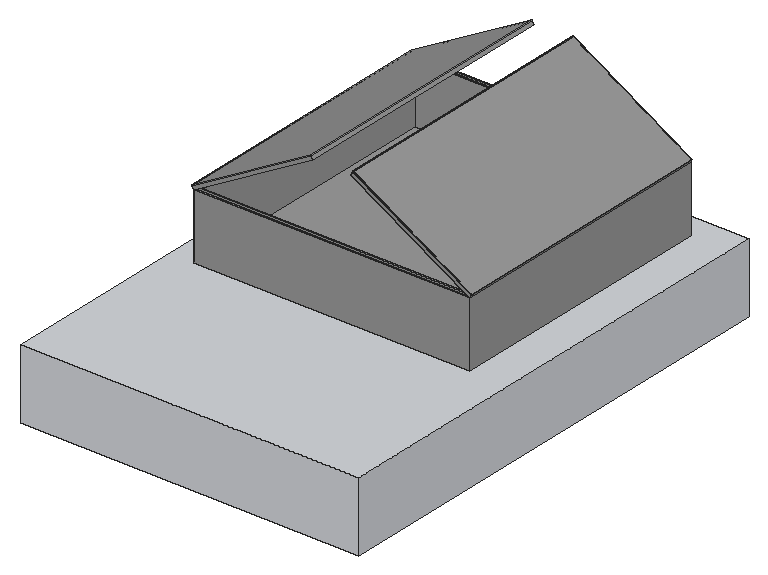
Revit family "Hager-Orion_Inox-IP55-D300-Cl.I-Inox_encl-630A-1200mm-CH-it", category Equipement électrique, Revit 2020
Family settings
  Hôte = Face
  Configuration du panneau = Deux colonnes, circuits au sein
  Cote de connecteur circulaire = Utiliser le diamètre
  Type d'élément = Tableau de raccordement
  Couper avec des vides une fois chargée = Non
  Partagée = Non
  Point de calcul de pièce = Non
Parameters (values of type "A parete IP55 L1200 A1200 P300  - FL060BWL")
  Width Control [instance] = if([EF000008 - Larghezza] > Min Width, [EF000008 - Larghezza], Min Width)  # 1200 mm
  Commentaires du type = [HG000003 - Gamma]  # "Orion Inox"
  Thickness Door [instance] = if([EF009171 - spessore materiale porta/coperchio] > 3 mm, 3 mm, [EF009171 - spessore materiale porta/coperchio])  # 1.5 mm
  Seal Frame Offset [instance] = 17 mm  # constant formula
  Model = ""
  Min Width [instance] = 100 mm  # constant formula
  Min Height [instance] = 100 mm  # constant formula
  Min Depth [instance] = (2 * [EF009170 - spessore materiale scatola]) + 1 mm  # 4 mm
  Internal Frame Depth [instance] = (Door System Depth * 0.5)  # 9 mm
  Height Control [instance] = if([EF000040 - Altezza] > Min Height, [EF000040 - Altezza], Min Height)  # 1200 mm
  HG000027 - Altezza dello zoccolo = 0 mm
  HG000026 - A pavimento = no
  HG000024 - Altezza della sezione inferiore = 800 mm
  HG000023 - Custodia a doppia sezione = no
  HG000016 - Visibilità delle porte nella vista 3D [instance] = yes
  HG000015 - Visibilità attraverso la porta [instance] = no
  HG000014 - Porta destra [instance] = yes
  HG000013 - Porta sinistra [instance] = not([HG000014 - Porta destra])  # no
  HG000012 - Angolo di apertura della porta [instance] = 30.00°
  HG000010 - Porte asimmetriche = no
  HG000009 - Porta doppia a battente = yes
  HG000006 - Ad incasso = no
  HG000004 - Codice produttore = "FL060BWL"
  HG000003 - Gamma = "Orion Inox"
  HG000002 - Con porta = yes
  Frame Offset Bottom [instance] = 10 mm  # constant formula
  Frame Offset [instance] = 15 mm  # constant formula
  EF015940 - Coprire con rilascio di sovrapressione = no
  EF011959 - tipo di protezione (NEMA) = ""
  EF009554 - numero delle aperture per la piastra della flangia = 0
  Fabricant = "Hager"  # constant formula
  EF009212 - esecuzione coperchio = "EV000116 - chiuso"
  EF009171 - spessore materiale porta/coperchio = 1.5 mm
  EF009170 - spessore materiale scatola = 1.5 mm
  EF008873 - corrente nominale (In) = 630 A
  EF007800 - adatto per parafulmine = no
  EF006306 - con serratura = yes
  EF006244 - coperchio/porta trasparente = no
  EF005474 - grado di protezione (IP) = "EV006420 - IP55"
  EF004464 - tipo di porta = "EV003602 - doppio"
  EF004427 - numero di moduli = 0
  EF004293 - resistenza agli urti = "EV008784 - IK10"
  EF003532 - adatto per uso esterno = yes
  EF002950 - Numero moduli DIN = 0
  EF001613 - Integrità del circuito = "EV000494 - senza"
  EF001596 - Attacco Lampada = "EV000166 - acciaio inossidabile"
  EF001131 - profondità interna = 266 mm
  EF001088 - possibilità di applicazione = yes
  EF000437 - numero di ingressi per conduttori = 0
  EF000339 - tipo di copertura = "EV004216 - porta"
  EF000266 - numero di file = 0
  EF000218 - profondità di incasso = 0 mm
  EF000118 - con piastra di montaggio = no
  EF000116 - numero RAL = ""
  EF000049 - profondità = 300 mm
  EF000040 - Altezza = 1200 mm
  EF000008 - Larghezza = 1200 mm
  EF000007 - colore = "EV000154 - altri"
  EF000003 - Tipo di montaggio = "EV000384 - A parete"
  Door System Leaf Tolerance [instance] = 1.5 mm  # constant formula
  Door System Depth [instance] = 18 mm  # constant formula
  Depth Control [instance] = if([EF000049 - profondità] > Min Depth, [EF000049 - profondità], Min Depth)  # 300 mm
  Default Elevation = 0 mm
Types (4, lengths in mm): name | Width Control | HG000004 - Codice produttore | EF000008 - Larghezza
  A parete IP55 L1000 A1200 P300  - FL058BW | 1000 | "FL058BW" | 1000
  A parete IP55 L1000 A1200 P300  - FL058BWL | 1000 | "FL058BWL" | 1000
  A parete IP55 L1200 A1200 P300  - FL060BW | 1200 | "FL060BW" | 1200
  A parete IP55 L1200 A1200 P300  - FL060BWL | 1200 | "FL060BWL" | 1200
Reference planes
  plane 1 "Center (Front/Back)": y = 0
  plane 2: z = 0
  plane 3 "Center (Left/Right)": x = 0
  plane 4: z = 300
  plane 5: y = 1.5
  plane 6: y = 600
  plane 7: y = 0
  plane 8: y = 1200
  plane 9: z = 0
  plane 10: x = -585
  plane 11: x = 585
  plane 12: x = 583.5
  plane 13: x = -583.5
  plane 14: y = 1198.5
  plane 15: x = -583
  plane 16: x = -600
  plane 17: x = 583
  plane 18: x = 600
  plane 19: x = 598.5
  plane 20: x = -598.5
  plane 21: y = 11.5
  plane 22: y = 1200
  plane 23: y = 1183.5
  plane 24: z = 282
  plane 25: z = 1.5
  plane 26: z = 280.5
  plane 27: z = 298.5
Forms (mm)
  Extrusion 1, solid
    sketch origin (0, 0, 0) x (1, 0, 0) y (0, 1, 0)
      loop
        line (-702.964, 1305) -> (-702.964, -811.445) -> (766.763, -811.445) -> (766.763, 1305) -> (-702.964, 1305)
    from 0 to -304.8
  Extrusion 2, solid, material "Hager_Stainless_Steel", detail levels medium+fine
    sketch origin (0, 0, 0) x (1, 0, 0) y (0, 1, 0)
      loop
        line (-600, 0) -> (600, 0) -> (600, 1200) -> (-600, 1200) -> (-600, 0)
    from 0 to 282
  Extrusion 3, solid, material "Hager_Steel_RAL 7035_Light_Grey", not visible, detail levels medium+fine
    sketch origin (0, 28.16, 50.802) x (0, 1, 0) y (0, 0, 1)
      loop
        line (623.34, -50.802) -> (623.34, 237.698)
        arc (623.34, 237.698) -> (620.411, 244.769) -> (613.34, 247.698) r 10
        line (613.34, 247.698) -> (583.34, 247.698) -> (583.34, -50.802) -> (623.34, -50.802)
    from -598.5 to 598.5
  Extrusion 4, void
    sketch origin (0, 0, 0) x (1, 0, 0) y (0, 1, 0)
      loop
        line (-598.5, 1.5) -> (598.5, 1.5) -> (598.5, 1198.5) -> (-598.5, 1198.5) -> (-598.5, 1.5)
    from 1.5 to 280.5
  Extrusion 5, void
    sketch origin (-381.607, -4572, 282) x (0, -1, 0) y (-1, 0, 0)
      loop
        line (-4583.5, 201.893) -> (-5755.5, 201.893) -> (-5755.5, -965.107) -> (-4583.5, -965.107) -> (-4583.5, 201.893)
    from 0 to 1.5 <- "EF009170 - spessore materiale scatola"
  Extrusion 6, solid, material "Hager_Stainless_Steel", detail levels fine
    sketch origin (-381.607, -4572, 282) x (-1, 0, 0) y (0, -1, 0)
      loop
        line (201.893, -4583.5) -> (-965.107, -4583.5) -> (-965.107, -5755.5) -> (201.893, -5755.5) -> (201.893, -4583.5)
      loop
        line (202.893, -4582) -> (-966.107, -4582) -> (-966.107, -5757) -> (202.893, -5757) -> (202.893, -4582)
    from 0 to 9 <- "Internal Frame Depth"
  Extrusion 7, solid, material "Hager_Stainless_Steel", detail levels coarse
    sketch origin (0, 0, 0) x (1, 0, 0) y (0, 1, 0)
      loop
        line (-600, 0) -> (600, 0) -> (600, 1200) -> (-600, 1200) -> (-600, 0)
    from 0 to 300
Cuts and joins
  Extrusion 4, Extrusion 5 cuts Extrusion 2
Lines and regions (mm)
  Masking region 1
    outline origin (0, 0, 0) x (1, 0, 0) y (0, 0, 1)
      loop
        line (-600, 300) -> (-600, 0) -> (600, 0) -> (600, 300) -> (-600, 300)
  Masking region 2, detail levels medium+fine
    outline origin (0, 140, 0) x (0, 1, 0) y (0, 0, 1)
      loop
        line (-140, 0) -> (1060, 0) -> (1060, 282) -> (-140, 282) -> (-140, 0)
  Masking region 3, not visible, detail levels medium+fine
    outline origin (0, 297.922, 0) x (0, 1, 0) y (0, 0, 1)
      loop
        line (313.578, 0) -> (353.578, 0) -> (353.578, 288.5)
        arc (353.578, 288.5) -> (350.649, 295.571) -> (343.578, 298.5) r 10
        line (343.578, 298.5) -> (313.578, 298.5) -> (313.578, 0)
  Masking region 4, detail levels coarse
    outline origin (0, 0, 180) x (0, 1, 0) y (0, 0, 1)
      loop
        line (0, -180) -> (1200, -180) -> (1200, 120) -> (0, 120) -> (0, -180)
  Masking region 5
    outline origin (-381.607, -4572, 282) x (-1, 0, 0) y (0, -1, 0)
      loop
        line (218.393, -5772) -> (218.393, -4572) -> (-981.607, -4572) -> (-981.607, -5772) -> (218.393, -5772)
Dimensions and locks
  "Depth Control": plane 4 to Extrusion 1
  "EF009170 - spessore materiale scatola": plane 5 to plane 7
  locked: connector elem to plane 3 "Center (Left/Right)"
  equal spacing: plane 8, plane 6, plane 7
  locked: connector elem to plane 6
  "EF009170 - spessore materiale scatola": plane 8 to plane 14
  "EF009170 - spessore materiale scatola": plane 10 to plane 13
  "EF009170 - spessore materiale scatola": plane 12 to plane 11
  "Frame Offset": plane 20 to plane 13
  "Frame Offset": plane 12 to plane 19
  "EF009170 - spessore materiale scatola": plane 16 to plane 20
  "EF009170 - spessore materiale scatola": plane 19 to plane 18
  "Seal Frame Offset": plane 16 to plane 15
  "Seal Frame Offset": plane 17 to plane 18
  "Frame Offset Bottom": plane 21 to plane 5
  "Frame Offset": plane 14 to plane 23
  equal spacing: plane 16, plane 3 "Center (Left/Right)", plane 18
  "Width Control": plane 16 to plane 18
  "EF009170 - spessore materiale scatola": plane 4 to plane 27
  "EF009170 - spessore materiale scatola": plane 24 to plane 26
  "EF009170 - spessore materiale scatola": plane 25 to level
  "Door System Depth": plane 4 to plane 24
  "Height Control": plane 1 "Center (Front/Back)" to Extrusion 7 sketch curve
  "Height Control": Masking region 4 sketch curve to plane 1 "Center (Front/Back)"
  "Thickness Door": Extrusion 6 sketch curve to plane 15
  "Thickness Door": plane 21 to Extrusion 6 sketch curve
  "Thickness Door": plane 17 to Extrusion 6 sketch curve
  "Thickness Door": Extrusion 6 sketch curve to plane 23
  "Height Control": plane 1 "Center (Front/Back)" to plane 22
  radius of Masking region 3 sketch curve = 10 mm
  radius of Extrusion 3 sketch curve = 10 mm
  aligned and locked: plane 2 to Extrusion 1
  aligned and locked: level to Extrusion 1
  aligned and locked: level to Masking region 1 sketch curve
  aligned and locked: Masking region 1 sketch curve to plane 18
  aligned and locked: Masking region 1 sketch curve to plane 16
  aligned and locked: plane 7 to Masking region 2 sketch curve
  aligned and locked: level to Masking region 3 sketch curve
  aligned and locked: Masking region 3 sketch curve to plane 27
  aligned and locked: level to Masking region 2 sketch curve
  aligned and locked: Extrusion 2 sketch curve to plane 7
  aligned and locked: plane 16 to Extrusion 2 sketch curve
  aligned and locked: plane 18 to Extrusion 2 sketch curve
  aligned and locked: Extrusion 3 sketch curve to level
  aligned and locked: plane 27 to Extrusion 3 sketch curve
  aligned and locked: plane 20 to Extrusion 3
  aligned and locked: plane 19 to Extrusion 3
  aligned and locked: plane 20 to Extrusion 4 sketch curve
  aligned and locked: plane 19 to Extrusion 4 sketch curve
  aligned and locked: Extrusion 4 sketch curve to plane 5
  aligned and locked: Extrusion 4 to plane 25
  aligned and locked: plane 26 to Extrusion 4
  aligned and locked: plane 24 to Extrusion 2
  aligned and locked: Extrusion 5 sketch curve to plane 21
  aligned and locked: Extrusion 5 sketch curve to plane 13
  aligned and locked: Extrusion 5 sketch curve to plane 12
  aligned and locked: plane 18 to Extrusion 7 sketch curve
  aligned and locked: plane 1 "Center (Front/Back)" to Extrusion 7 sketch curve
  aligned and locked: plane 16 to Extrusion 7 sketch curve
  aligned and locked: plane 4 to Extrusion 7
  aligned and locked: Extrusion 7 to level
  aligned and locked: level to Masking region 4 sketch curve
  aligned and locked: Masking region 4 sketch curve to plane 1 "Center (Front/Back)"
  aligned and locked: Masking region 4 sketch curve to plane 4
  aligned and locked: nested 1 to level
  aligned and locked: nested 1 to plane 16
  aligned and locked: Extrusion 2 sketch curve to plane 8
  aligned and locked: Extrusion 5 sketch curve to plane 23
  aligned and locked: Extrusion 4 sketch curve to plane 14
  aligned and locked: Extrusion 6 sketch curve to plane 21
  aligned and locked: plane 13 to Extrusion 6 sketch curve
  aligned and locked: Extrusion 6 sketch curve to plane 23
  aligned and locked: plane 12 to Extrusion 6 sketch curve
  aligned and locked: Masking region 2 sketch curve to plane 8
  aligned and locked: Masking region 2 sketch curve to plane 24
  aligned and locked: nested 2 to plane 3 "Center (Left/Right)"
  aligned and locked: nested 2 to plane 24
  aligned and locked: Masking region 5 sketch curve to plane 1 "Center (Front/Back)"
  aligned and locked: Masking region 5 sketch curve to plane 18
  aligned and locked: Masking region 5 sketch curve to plane 22
  aligned and locked: Masking region 5 sketch curve to plane 16
  aligned and locked: plane 8 to plane 22
  aligned and locked: plane 7 to plane 1 "Center (Front/Back)"
  aligned and locked: nested 2 to plane 1 "Center (Front/Back)"
Automatic sketch dimensions
  Extrusion 1 sketch curve to Extrusion 1 sketch curve = 1469.727 mm
  Extrusion 1 sketch curve to Extrusion 1 sketch curve = 2116.445 mm
  plane 6 to Masking region 3 sketch curve = 11.5 mm
  Masking region 3 sketch curve to Masking region 3 sketch curve = 30 mm
  plane 6 to Extrusion 3 sketch curve = 11.5 mm
  Extrusion 3 sketch curve to Extrusion 3 sketch curve = 30 mm
  Masking region 1 sketch curve to plane 4 = 0 mm
Nested families
  nested 1: "Hager_Enclosure_Symbol" at (-600, 0, 0) x (1, 0, 0) z (0, -1, 0), Height <- "Depth Control", Width <- "Width Control", type "Hager_Enclosure_Symbol"
    with Width_Ctrl 1200 mm, Width 1200 mm, Height_Ctrl 300 mm, Height 300 mm, A_Width_Int 19.688 mm, A_Width 236.25 mm, A_Height_Ctrl 262.5 mm, A_Height 262.5 mm
  nested 2: "EC000058_OrionInox_Door" at (0, 1200, 282) x (1, 0, 0) z (0, -1, 0), Leaf_Tolerance <- "Door System Leaf Tolerance", Angle <- "HG000012 - Angolo di apertura della porta", Door_Depth <- "Door System Depth", Door_Left <- "HG000013 - Porta sinistra", Transparent <- "EF006244 - coperchio/porta trasparente", Assymetrical <- "HG000010 - Porte asimmetriche", Width <- "Width Control", Clearance <- "HG000015 - Visibilità attraverso la porta", Double <- "HG000009 - Porta doppia a battente", 3d_Door <- "HG000016 - Visibilità delle porte nella vista 3D", Width_Ctrl <- "Width Control", Door_Right <- "HG000014 - Porta destra", Door <- "HG000002 - Con porta", Height <- "Height Control", Thickness <- "Thickness Door", type "EC000058_OrionInox_Door", detail levels medium+fine
    with min_wh 4 mm, Width_Ctrl 1200 mm, Width 1200 mm, Transparent no, Thickness 1.5 mm, Seal_Material Hager_Rubber, Leaf_Width 1200 mm, Leaf_Tolerance_External_Sides 0 mm, Leaf_Tolerance 1.5 mm, Leaf_Offset 0 mm, Leaf_Height 1197 mm, Leaf_2_Width 598.5 mm, Leaf_2_Offset 300 mm, Leaf_1_Width 598.5 mm, Leaf_1_Offset 300 mm, Height_Ctrl 1200 mm, Height 1200 mm, Glass_Material Hager_Glass, Double_Clearance_Ctrl no, Double yes, Door_Right_Ctrl yes, Door_Right yes, Door_Material Hager_Stainless_Steel, Door_Left_Ctrl yes, Door_Left no, Door_Depth 18 mm, Door yes, Clearance_Material Hager_Clearance, Clearance_Depth 598.5 mm, Clearance_Ctrl no, Clearance no, Assymetrical no, Angle 30.00°, 3d_Door yes
Connectors
  electrical at (0, 600, 0)
    settings: on plane 9, index 1, voltage 0 V, apparent load 0 VA, apparent load phase1 0 VA, apparent load phase2 0 VA, apparent load phase3 0 VA, power factor 1, load classification "Other", number of poles 1, system type 30, power factor state 1, is connector primary yes, connector utility no, sub classification motor no, connector description ""
Definition of nested family "EC000058_OrionInox_Door"
  Parameters (values of type "EC000058_OrionInox_Door")
    min_wh [instance] = (2 * Thickness) + 1 mm  # 11 mm
    Width_Ctrl [instance] = 400 mm
    Width [instance] = 500 mm
    Transparent [instance] = yes
    Thickness [instance] = 5 mm
    Seal_Material [instance] = none
    Leaf_Width [instance] = if((Width_Ctrl - 2 * Leaf_Tolerance_External_Sides) > 0 mm, (Width_Ctrl - 2 * Leaf_Tolerance_External_Sides), min_wh)  # 400 mm
    Leaf_Tolerance_External_Sides [instance] = 0 mm  # constant formula
    Leaf_Tolerance [instance] = 1.5 mm
    Leaf_Offset [instance] = 0 mm  # constant formula
    Leaf_Height [instance] = if((Height_Ctrl - 2 * Leaf_Tolerance) > 0 mm, (Height_Ctrl - 2 * Leaf_Tolerance), min_wh)  # 497 mm
    Leaf_2_Width [instance] = if(and(and(Double, Assymetrical), Door_Left), (Leaf_Width / 3) - (Leaf_Tolerance / 2), if(and(and(Double, Assymetrical), Door_Right), (Leaf_Width / 3) * 2 - (Leaf_Tolerance / 2), if(and(Double, not(Assymetrical)), (Leaf_Width / 2) - Leaf_Tolerance, Leaf_Width)))  # 400 mm
    Leaf_2_Offset [instance] = if(and(Double, Assymetrical), Leaf_2_Width / 2, if(and(Double, not(Assymetrical)), Leaf_Width / 4, Leaf_Width / 2))  # 200 mm
    Leaf_1_Width [instance] = if(and(and(Double, Assymetrical), Door_Right), (Leaf_Width / 3) - (Leaf_Tolerance / 2), if(and(and(Double, Assymetrical), Door_Left), (Width / 3) * 2 - (Leaf_Tolerance / 2), if(and(Double, not(Assymetrical)), (Leaf_Width / 2) - Leaf_Tolerance, Leaf_Width)))  # 400 mm
    Leaf_1_Offset [instance] = if(and(Double, Assymetrical), Leaf_1_Width / 2, if(and(Double, not(Assymetrical)), Leaf_Width / 4, Leaf_Width / 2))  # 200 mm
    Height_Ctrl [instance] = if(Height > min_wh, Height, min_wh)  # 500 mm
    Height [instance] = 500 mm
    Glass_Material [instance] = none
    Double_Clearance_Ctrl [instance] = and(Double, Clearance)  # no
    Double [instance] = no
    Door_Right_Ctrl [instance] = and(or(Door_Right, Double), Door)  # yes
    Door_Right [instance] = yes
    Door_Material [instance] = none
    Door_Left_Ctrl [instance] = and(or(Door_Left, Double), Door)  # no
    Door_Left [instance] = no
    Door_Depth [instance] = 30 mm
    Door [instance] = yes
    Default Elevation = 1219.2 mm
    Clearance_Material [instance] = none
    Clearance_Depth [instance] = if(Leaf_1_Width > Leaf_2_Width, Leaf_1_Width, Leaf_2_Width)  # 400 mm
    Clearance_Ctrl [instance] = and(not(Double), Clearance)  # yes
    Clearance [instance] = yes
    Assymetrical [instance] = yes
    Angle [instance] = 30.00°
    3d_Door [instance] = yes
  Reference planes
    plane 1 "Center (Front/Back)": y = 0
    plane 2 "Bottom": z = 0
    plane 3 "Center (Left/Right)": x = 0
    plane 4: z = 500
    plane 5: x = -200
    plane 6: x = 200
    plane 7: z = 500
    plane 8: x = -200
    plane 9: z = 0
    plane 10: x = 200
    plane 11: y = 0
    plane 12: z = 1.5
    plane 13: x = -600
    plane 14: y = -400
    plane 15: x = 600
    plane 16: x = 0
    plane 17: x = 0
    plane 18: x = -200
    plane 19: x = 200
    plane 20: z = 498.5
  Forms (mm)
    Extrusion 1, solid, material <- "Clearance_Material", visible <- "Double_Clearance_Ctrl"
      sketch origin (1200, 0, 0) x (1, 0, 0) y (0, 0, -1)
        loop
          line (-1800, -498.5) -> (-600, -498.5) -> (-600, 0) -> (-1800, 0) -> (-1800, -498.5)
      from 0 to -400
  Dimensions and locks
    equal spacing: plane 5, plane 3 "Center (Left/Right)", plane 6
    "Width_Ctrl": plane 5 to plane 6
    "Leaf_Offset": plane 5 to plane 8
    "Leaf_Offset": plane 6 to plane 10
    "Leaf_Offset": plane 9 to level
    "Leaf_Offset": plane 4 to plane 7
    "Height_Ctrl": plane 4 to level
    "Leaf_Tolerance": plane 12 to plane 9
    locked: plane 11 to plane 1 "Center (Front/Back)"
    "Leaf_1_Offset": plane 18 to plane 16
    "Leaf_2_Offset": plane 17 to plane 19
    "Leaf_1_Width": plane 13 to plane 8
    "Leaf_2_Width": plane 10 to plane 15
    "Clearance_Depth": plane 14 to plane 1 "Center (Front/Back)"
    "Leaf_Tolerance_External_Sides": plane 8 to plane 18
    "Leaf_Tolerance_External_Sides": plane 19 to plane 10
    "Leaf_Tolerance": plane 7 to plane 20
    aligned and locked: level to plane 2 "Bottom"
    aligned and locked: nested 1 to plane 16
    aligned and locked: nested 2 to plane 17
    aligned and locked: Extrusion 1 to plane 13
    aligned and locked: plane 15 to Extrusion 1
    aligned and locked: Extrusion 1 to plane 14
    aligned and locked: plane 12 to nested 1
    aligned and locked: nested 2 to plane 12
    aligned and locked: Extrusion 1 to plane 11
    aligned and locked: plane 20 to Extrusion 1
    aligned and locked: nested 2 to plane 11
    aligned and locked: nested 1 to plane 11
  Automatic sketch dimensions
    Extrusion 1 sketch curve to level = 0 mm
    plane 5 to Extrusion 1 sketch curve = 400 mm
    plane 6 to Extrusion 1 sketch curve = 400 mm
    Extrusion 1 sketch curve to plane 4 = 1.5 mm
  Nested families
    nested 1: "EC000058_OrionInox_Door_Leaf" at (0, 0, 1.5), Width <- "Leaf_1_Width", visible <- "Door_Left_Ctrl", Leaf_Height <- "Leaf_Height", Angle <- "Angle", 3d_Door <- "3d_Door", Transparent <- "Transparent", Clearance Material <- "Clearance_Material", Clearance <- "Clearance_Ctrl", Door_Material <- "Door_Material", Glass_Material <- "Glass_Material", Door_Depth <- "Door_Depth", Seal_Material <- "Seal_Material", Thickness <- "Thickness", type "EC000058_OrionInox_Door_Leaf"
      with Width 400 mm, Transparent_Ctrl yes, Transparent yes, Thickness 5 mm, Standard no, Seal_Material none, Seal_D2 8 mm, Seal_D1 1 mm, Offset_Internal_Frame 10 mm, Lock_Width 28 mm, Lock_Thickness 2 mm, Lock_Radius 6 mm, Leaf_Height 497 mm, Internal_Seal_Thickness 8 mm, Internal_Seal_Depth_2 4.5 mm, Internal_Frame_Depth 25 mm, Glass_Thickness -1 mm, Glass_Offset -2 mm, Glass_Material none, Door_Material none, Door_Depth 30 mm, Clearance Material none, Clearance yes, Angle_Ctrl 30.00°, Angle 30.00°, 3d_Door yes
    nested 2: "EC000058_OrionInox_Door_Leaf" at (0, 0, 1.5) x (-1, 0, 0) z (0, 0, 1), Width <- "Leaf_2_Width", visible <- "Door_Right_Ctrl", Leaf_Height <- "Leaf_Height", Angle <- "Angle", 3d_Door <- "3d_Door", Transparent <- "Transparent", Clearance Material <- "Clearance_Material", Clearance <- "Clearance_Ctrl", Door_Material <- "Door_Material", Glass_Material <- "Glass_Material", Door_Depth <- "Door_Depth", Seal_Material <- "Seal_Material", Thickness <- "Thickness", type "EC000058_OrionInox_Door_Leaf"
      with Width 400 mm, Transparent_Ctrl yes, Transparent yes, Thickness 5 mm, Standard no, Seal_Material none, Seal_D2 8 mm, Seal_D1 1 mm, Offset_Internal_Frame 10 mm, Lock_Width 28 mm, Lock_Thickness 2 mm, Lock_Radius 6 mm, Leaf_Height 497 mm, Internal_Seal_Thickness 8 mm, Internal_Seal_Depth_2 4.5 mm, Internal_Frame_Depth 25 mm, Glass_Thickness -1 mm, Glass_Offset -2 mm, Glass_Material none, Door_Material none, Door_Depth 30 mm, Clearance Material none, Clearance yes, Angle_Ctrl 30.00°, Angle 30.00°, 3d_Door yes
  Definition of nested family "EC000058_OrionInox_Door_Leaf"
    Parameters (values of type "EC000058_OrionInox_Door_Leaf")
      Width [instance] = 450 mm
      Transparent_Ctrl [instance] = and(Transparent, [3d_Door])  # yes
      Transparent [instance] = yes
      Thickness [instance] = 5 mm
      Standard [instance] = and(not(Transparent), [3d_Door])  # no
      Seal_Material [instance] = none
      Seal_D2 [instance] = 8 mm  # constant formula
      Seal_D1 [instance] = 1 mm  # constant formula
      Offset_Internal_Frame [instance] = 10 mm  # constant formula
      Lock_Width [instance] = Door_Depth - Lock_Thickness  # 28 mm
      Lock_Thickness [instance] = 2 mm  # constant formula
      Lock_Radius [instance] = 6 mm  # constant formula
      Leaf_Height [instance] = 450 mm
      Internal_Seal_Thickness [instance] = 8 mm  # constant formula
      Internal_Seal_Depth_2 [instance] = 4.5 mm  # constant formula
      Internal_Frame_Depth [instance] = if(Door_Depth - Thickness > 5 mm, Door_Depth - Thickness, 5 mm)  # 25 mm
      Glass_Thickness [instance] = if(Thickness > 15 mm, Glass_Offset + 10 mm, -1 mm)  # -1 mm
      Glass_Offset [instance] = if(Thickness > 15 mm, -(Thickness + 10 mm) / 2, -2 mm)  # -2 mm
      Glass_Material [instance] = none
      Door_Material [instance] = none
      Door_Depth [instance] = 30 mm
      Default Elevation = 0 mm
      Clearance Material [instance] = none
      Clearance [instance] = yes
      Angle_Ctrl [instance] = if(Angle > 180.00°, 180.00°, Angle)  # 90.00°
      Angle [instance] = 90.00°
      3d_Door [instance] = yes
    Reference planes
      plane 1 "Center (Front/Back)": y = 0
      plane 2: z = 0
      plane 3 "Center (Left/Right)": x = 0
      plane 4: y = 450
      plane 5: x = -225
      plane 6: x = 225
      plane 7: x = -675
      plane 8: z = 450
      plane 9: z = 30
      plane 10: z = 420
      plane 11: x = 195
      plane 12: x = -195
      plane 13: y = -3
      plane 14: z = 107.833
      plane 15: y = -5
      plane 16: y = -223.314
      plane 17: x = -225
      plane 18: y = 30
    Forms (mm)
      Extrusion 1, solid, material <- "Clearance Material", visible <- "Clearance"
        sketch origin (0, 0, 0) x (1, 0, 0) y (0, 0, 1)
          loop
            line (-675, 450) -> (-675, 0) -> (225, 0) -> (225, 450) -> (-675, 450)
        from 0 to -450
      Extrusion 2, solid, material <- "Door_Material", visible <- "Standard", detail levels medium+fine
        sketch origin (-225, 0, 0) x (0, 1, 0) y (-1, 0, 0)
          loop
            line (0, 30) -> (0, 25) -> (450, 25) -> (450, 30) -> (0, 30)
        from 0 to 450 <- "Leaf_Height"
      Extrusion 3, solid, material <- "Door_Material", visible <- "Transparent_Ctrl", detail levels medium+fine
        sketch origin (-225, 0, 0) x (0, 1, 0) y (-1, 0, 0)
          loop
            line (0, 25) -> (450, 25) -> (450, 30) -> (0, 30) -> (0, 25)
        from 0 to 450 <- "Leaf_Height"
      Extrusion 4, void
        sketch origin (-250, 450, 0) x (0, 1, 0) y (0, 0, -1)
          loop
            line (-30, -420) -> (-30, -30) -> (-420, -30) -> (-420, -420) -> (-30, -420)
        from 0 to 5 <- "Thickness"
      Sweep 5, solid, material <- "Seal_Material", visible <- "Transparent_Ctrl", detail levels fine
        path in 3D
          loop
            line (-250, 30, 30) -> (-250, 30, 420) -> (-250, 420, 420) -> (-250, 420, 30) -> (-250, 30, 30)
        profile origin (-250, 225, 30) x (1, 0, 0) y (0, 0, 1)
          loop
            line (0, 0) -> (0, -8) -> (1, -8) -> (1, 0) -> (0, 0)
      Extrusion 6, solid, material <- "Glass_Material", visible <- "Transparent_Ctrl", detail levels medium+fine
        sketch origin (-255, 0, 0) x (0, 1, 0) y (0, 0, -1)
          loop
            line (420, -420) -> (420, -30) -> (30, -30) -> (30, -420) -> (420, -420)
        from -2 <- "Glass_Offset" to -1 <- "Glass_Thickness"
      Extrusion 7, solid, material <- "Door_Material", visible <- "3d_Door", detail levels medium+fine
        sketch origin (-250, 450, 0) x (0, -1, 0) y (0, 0, -1)
          loop
            line (0, -450) -> (450, -450) -> (450, 0) -> (0, 0) -> (0, -450)
          loop
            line (445, -5) -> (5, -5) -> (5, -445) -> (445, -445) -> (445, -5)
        from 0 to 25 <- "Internal_Frame_Depth"
      Sweep 8, solid, material <- "Seal_Material", visible <- "Transparent_Ctrl", detail levels fine
        path in 3D
          loop
            line (-250, 0, 0) -> (-250, 450, 0) -> (-250, 450, 450) -> (-250, 0, 450) -> (-250, 0, 0)
        profile origin (-250, 0, 225) x (1, 0, 0) y (0, 1, 0)
          loop
            line (0, 10) -> (2.975, 10)
            arc (2.975, 10) -> (4.053, 10.447) -> (4.5, 11.525) r 1.525
            line (4.5, 11.525) -> (4.5, 16.527)
            arc (4.5, 16.527) -> (4.069, 17.569) -> (3.027, 18) r 1.473
            line (3.027, 18) -> (0, 18) -> (0, 10)
    Cuts and joins
      Extrusion 4 cuts Extrusion 3
    Lines and regions (mm)
      Masking region 1, detail levels medium+fine
        outline origin (0, 0, 0) x (0, 1, 0) y (0, 0, 1)
          loop
            line (0, 0) -> (30, 0) -> (30, 450) -> (0, 450) -> (0, 0)
      Masking region 2, detail levels medium+fine
        outline origin (0, 0, 0) x (1, 0, 0) y (0, 0, 1)
          loop
            line (-225, 450) -> (-225, 0) -> (225, 0) -> (225, 450) -> (-225, 450)
      symbolic lines
        curve 1: line (225, 0, 0) -> (-675, 0, 0)
        curve 2: arc (225, 0, 0) -> (-225, 450, 0) -> (-675, 0, 0) r 450
        curve 4: line (-255, 0, 0) -> (-255, 450, 0)
      reference lines
        curve 3: line (-225, 0, 0) -> (-225, 450, 0)
      symbolic lines, detail levels medium+fine
        curve 5: line (-255, 450, 0) -> (-250, 450, 0)
        curve 7: line (-250, 0, 0) -> (-255, 0, 0)
        curve 8: line (-250, 0, 0) -> (-225, 0, 0)
        curve 9: line (-225, 0, 0) -> (-225, 450, 0)
        curve 10: line (-225, 450, 0) -> (-250, 450, 0)
      symbolic lines, detail levels fine
        curve 6: line (-250, 450, 0) -> (-250, 0, 0)
      sketch lines
        curve 11: line (-250, 0, 450) -> (-250, 0, 0)
        curve 12: line (-250, 450, 0) -> (-250, 0, 0)
        curve 13: line (-250, 450, 450) -> (-250, 450, 0)
        curve 14: line (-250, 0, 450) -> (-250, 450, 450)
        curve 15: line (-250, 420, 30) -> (-250, 30, 30)
        curve 16: line (-250, 30, 30) -> (-250, 30, 420)
        curve 17: line (-250, 420, 420) -> (-250, 420, 30)
        curve 18: line (-250, 30, 420) -> (-250, 420, 420)
      symbolic lines, visible <- "Transparent", detail levels medium+fine
        curve 19: line (-195, 0, 420) -> (195, 0, 420)
        curve 20: line (-195, 0, 30) -> (-195, 0, 420)
        curve 21: line (195, 0, 30) -> (-195, 0, 30)
        curve 22: line (195, 0, 420) -> (195, 0, 30)
    Dimensions and locks
      "Width": plane 1 "Center (Front/Back)" to plane 4
      equal spacing: plane 5, plane 3 "Center (Left/Right)", plane 6
      "Width": plane 5 to plane 6
      "Width": plane 7 to plane 5
      "Leaf_Height": plane 8 to level
      "Width": curve 5 to curve 3
      "Width": curve 3 to curve 3
      plane 8 to plane 10 = 30 mm
      plane 9 to level = 30 mm
      plane 12 to plane 5 = 30 mm
      plane 6 to plane 11 = 30 mm
      Extrusion 4 sketch curve to Extrusion 3 = 30 mm
      Extrusion 3 to Extrusion 4 sketch curve = 30 mm
      Extrusion 1 to Extrusion 4 sketch curve = 30 mm
      curve 3 to Extrusion 4 sketch curve = 30 mm
      Extrusion 4 sketch curve to cut or joined group of Extrusion 3, Extrusion 4 = 30 mm
      cut or joined group of Extrusion 3, Extrusion 4 to Extrusion 6 sketch curve = 30 mm
      cut or joined group of Extrusion 3, Extrusion 4 to Extrusion 4 sketch curve = 30 mm
      "Thickness": curve 6 to curve 4
      "Thickness": Extrusion 7 sketch curve to Extrusion 7 sketch curve  (x4)
      "Door_Depth": curve 4 to curve 3
      "Offset_Internal_Frame": profile plane to Sweep 8 sketch curve
      "Internal_Seal_Thickness": Sweep 8 sketch curve to Sweep 8 sketch curve
      "Internal_Seal_Depth_2": profile plane to Sweep 8 sketch curve
      "Seal_D1": profile plane to Sweep 5 sketch curve
      "Seal_D2": profile plane to Sweep 5 sketch curve
      "Thickness": Extrusion 2 sketch curve to Extrusion 2 sketch curve
      "Door_Depth": plane 18 to plane 1 "Center (Front/Back)"
      radius of Sweep 8 sketch curve = 1.525 mm
      radius of Sweep 8 sketch curve = 1.473 mm
      "Angle_Ctrl": angle plane 1 "Center (Front/Back)" to curve 3
      aligned and locked: level to plane 2
      aligned and locked: Extrusion 1 to curve 1
      aligned and locked: plane 6 to Extrusion 1
      aligned and locked: plane 1 "Center (Front/Back)" to Extrusion 1
      aligned and locked: plane 4 to Extrusion 1
      aligned and locked: plane 8 to Extrusion 1
      aligned and locked: curve 7 to Extrusion 2 sketch curve
      aligned and locked: curve 5 to Extrusion 2 sketch curve
      aligned and locked: curve 7 to Extrusion 3 sketch curve
      aligned and locked: Extrusion 3 sketch curve to curve 4
      aligned and locked: Extrusion 3 sketch curve to curve 6
      aligned and locked: Extrusion 3 sketch curve to curve 5
      aligned and locked: curve 9 to curve 3
      aligned and locked: Extrusion 7 sketch curve to cut or joined group of Extrusion 3, Extrusion 4  (x4)
      aligned and locked: plane 17 to curve 3
      aligned and locked: plane 1 "Center (Front/Back)" to curve 3
      aligned and locked: plane 17 to plane 5
      aligned and locked: Sweep 8 sketch curve to profile plane
      aligned and locked: Sweep 5 sketch curve to profile plane  (x2)
      aligned and locked: plane 1 "Center (Front/Back)" to Masking region 1 sketch curve
      aligned and locked: plane 18 to Masking region 1 sketch curve
      aligned and locked: level to Masking region 1 sketch curve
      aligned and locked: Masking region 1 sketch curve to plane 8
      aligned and locked: plane 17 to Masking region 2 sketch curve
      aligned and locked: level to Masking region 2 sketch curve
      aligned and locked: Masking region 2 sketch curve to plane 8
      aligned and locked: plane 12 to curve 20
      aligned and locked: plane 10 to curve 19
      aligned and locked: plane 11 to curve 22
      aligned and locked: plane 9 to curve 21
      aligned and locked: Extrusion 2 sketch curve to cut or joined group of Extrusion 3, Extrusion 4
    Automatic sketch dimensions
      plane 1 "Center (Front/Back)" to curve 2 = 0 mm
      curve 2 to plane 5 = 0 mm
      Extrusion 1 sketch curve to level = 0 mm
      Extrusion 1 sketch curve to plane 7 = 0 mm
      Extrusion 1 sketch curve to plane 6 = 0 mm
      Extrusion 1 sketch curve to plane 8 = 0 mm
      Extrusion 3 to Extrusion 6 sketch curve = 30 mm  (x4)
      Masking region 2 sketch curve to plane 6 = 0 mm
      curve 4 to curve 3 = 0 mm
Definition of nested family "Hager_Enclosure_Symbol"
  Parameters (values of type "Hager_Enclosure_Symbol")
    Width_Ctrl [instance] = if(Width > 1 mm, Width, 1 mm)  # 102.27 mm
    Width [instance] = 102.27 mm
    Height_Ctrl [instance] = if(Height > 1 mm, Height, 1 mm)  # 66.5 mm
    A_Width_Int [instance] = if(A_Width / 12 > 2 mm, A_Width / 12, 2 mm)  # 4.364 mm
    A_Width [instance] = if(A_Height_Ctrl * 0.9 > 2 mm, A_Height_Ctrl * 0.9, 2 mm)  # 52.369 mm
    A_Height_Ctrl [instance] = if(A_Height > 2 mm, A_Height, 2 mm)  # 58.188 mm
    Height [instance] = 66.5 mm
    A_Height [instance] = Height - (Height / 8)  # 58.188 mm
  Reference planes
    plane 1 "Centre (avant/arrière)": y = 0
    plane 2: z = 0
    plane 3 "Centre (gauche/droite)": x = 0
    plane 4: x = 52.369
    plane 5: y = 33.042
    plane 6: y = 41.77
    plane 7: y = 66.5
    plane 8: x = 26.184
    plane 9: y = 37.406
    plane 10: x = 102.27
    plane 11: y = 66.5
    plane 12: y = 8.313
  Lines and regions (mm)
    Filled region 1, type "Solid_Black", in view "Niveau de réf."
      outline origin (0, 0, 0) x (1, 0, 0) y (0, 1, 0)
        loop
          line (52.369, 66.5) -> (33.188, 54.536) -> (45.365, 45.006) -> (52.369, 66.5)
    Filled region 2, type "Solid_Black", in view "Niveau de réf."
      outline origin (0, 0, 0) x (1, 0, 0) y (0, 1, 0)
        loop
          line (0, 0) -> (102.27, 0) -> (102.27, 66.5) -> (0, 0)
    detail lines, in view "Niveau de réf."
      curve 1: line (0, 8.313, 0) -> (26.184, 41.77, 0)
      curve 2: line (26.184, 41.77, 0) -> (26.184, 33.042, 0)
      curve 3: line (26.184, 33.042, 0) -> (52.369, 66.5, 0)
  Dimensions and locks
    "A_Width": plane 3 "Centre (gauche/droite)" to plane 4
    equal spacing: plane 3 "Centre (gauche/droite)", plane 8, plane 4
    equal spacing: plane 6, plane 9, plane 5
    equal spacing: curve 3, Filled region 1 sketch curve, Filled region 1 sketch curve
    "Height_Ctrl": plane 1 "Centre (avant/arrière)" to plane 11
    "A_Height_Ctrl": plane 11 to plane 12
    equal spacing: plane 11, plane 9, plane 12
    "A_Width_Int": plane 6 to plane 9
    "Width_Ctrl": plane 3 "Centre (gauche/droite)" to plane 10
    angle Filled region 1 sketch curve to curve 3 = 20.00°
    angle curve 3 to Filled region 1 sketch curve = 20.00°
    locked: curve 3 to Filled region 1 sketch curve (angle 90.00°)
    aligned and locked: plane 10 to Filled region 2
    aligned and locked: plane 11 to Filled region 2 sketch curve
    aligned and locked: plane 10 to Filled region 2 sketch curve
    aligned and locked: plane 3 "Centre (gauche/droite)" to curve 1
    aligned and locked: plane 12 to curve 1
    aligned and locked: plane 7 to plane 11
  Automatic sketch dimensions
    Filled region 1 sketch curve to plane 4 = 0 mm
    Filled region 1 sketch curve to plane 7 = 0 mm
    plane 1 "Centre (avant/arrière)" to Filled region 2 sketch curve = 0 mm
    Filled region 2 sketch curve to plane 3 "Centre (gauche/droite)" = 0 mm
    curve 2 to plane 6 = 0 mm
    curve 2 to plane 8 = 0 mm
    curve 3 to plane 4 = 0 mm
    curve 2 to plane 5 = 0 mm
    curve 3 to plane 7 = 0 mm
